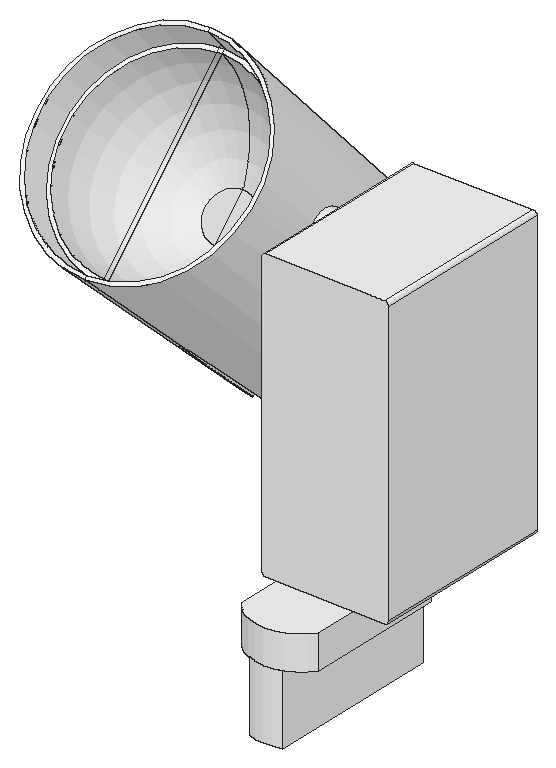
Revit family "0004826 Feilo Sylvania Lighting Fixture START TRACK SPOT S 24W 4K RA80 NB WHITE", category Lighting Fixtures, host Face, Revit 2017 (continued)
Definition of nested family "Start Track Spot Head"
  Types (96, lengths in mm): name | Wattage | built-in parameter 1150134 | Photometric Web File | Model | built-in parameter 1150105 | Lumens | built-in parameter 1150107 | built-in parameter 1150106 | HeadThickness_FEILO | HeadRibOffset_FEILO | HeadRibDepth_FEILO | HeadRibCutWidth_FEILO | HeadRibCutOffset_FEILO | HeadReflectorRadius_FEILO | HeadReflectorOffset_FEILO | HeadLEDRadius_FEILO | HeadHeight_FEILO | HeadDiffusorOffset_FEILO | HeadDiaOut_FEILO | HeadDiaIn_FEILO | HeadAxisFromTop_FEILO | Emit from Circle Diameter | built-in parameter 1150104 | Description | Apparent Load
    0004812 START TRACK SPOT S 14W 3K RA80 MB WHITE | 14 W | (empty or 0) | "0004812.ies" | "START TRACK SPOT S 14W 3K RA80 MB WHITE" | 120.32 (stored number, unit not read) | 1512 lm | 3000 (stored number, unit not read) | 1.2032 (stored number, unit not read) | 1.5 | 4.179 | 55.714 | 7.167 | 50.87 | 50.588 | 55.714 | 9.556 | 117 | 9.435 | 86 | 77.477 | 69.354 | 77.477 | 10.034 (stored number, unit not read) | "Integrated LED spotlight, Textured White - RAL9016, compact and minimalist design, ideal for retail applications, die-cast aluminium body, passive cooling heatsink. Beam angle: 36°, color temperature: 3000K , total system power: 14W, total fixture output: 1508 lm, LOR: 100%, colour rendering: Ra: 80 typical, LED Chromaticity: 3 step MacAdam ellipse, lifetime: >50000 hours at L70B50, energy class: A++, A+, A, IR/UV free light source without heat radiation, operating voltage: 220-240V / 50-60Hz, drive current: 350mA, electronic driver, non-dimmable, power factor: 0.92, electrical protection: Class II, Global Track 3 Phase adapter suitable for Global trac 3-circuit tracks, ingress protection rating: IP20, suitable for internal environment only, horizontal rotation: 355°, vertical tilt: 90°, dimensions: Ø86x140x200, weight: 0.940kg." | 14 VA
    0004811 START TRACK SPOT S 14W 3K RA80 NB WHITE | 14 W | (empty or 0) | "0004811.ies" | "START TRACK SPOT S 14W 3K RA80 NB WHITE" | 123.66 (stored number, unit not read) | 1554 lm | 3000 (stored number, unit not read) | 1.2366 (stored number, unit not read) | 1.5 | 4.179 | 55.714 | 7.167 | 50.87 | 50.588 | 55.714 | 9.556 | 117 | 9.435 | 86 | 77.477 | 69.354 | 77.477 | 10.312 (stored number, unit not read) | "Integrated LED spotlight, Textured White - RAL9016, compact and minimalist design, ideal for retail applications, die-cast aluminium body, passive cooling heatsink. Beam angle: 12°, color temperature: 3000K , total system power: 14W, total fixture output: 1551 lm, LOR: 100%, colour rendering: Ra: 80 typical, LED Chromaticity: 3 step MacAdam ellipse, lifetime: >50000 hours at L70B50, energy class: A++, A+, A, IR/UV free light source without heat radiation, operating voltage: 220-240V / 50-60Hz, drive current: 350mA, electronic driver, non-dimmable, power factor: 0.92, electrical protection: Class II, Global Track 3 Phase adapter suitable for Global trac 3-circuit tracks, ingress protection rating: IP20, suitable for internal environment only, horizontal rotation: 355°, vertical tilt: 90°, dimensions: Ø86x140x200, weight: 0.940kg." | 14 VA
  Reference planes
    plane 1 "Center (Front/Back)": y = 0
    plane 2: z = 0
    plane 3 "Center (Left/Right)": x = 0
    plane 4: x = 43
    plane 5: x = -43
    plane 6: x = -38.739
    plane 7: x = 38.739
    plane 8: z = 69.354
    plane 9: z = -47.646
    plane 10: x = -41.5
    plane 11: x = -37.239
    plane 12: z = -38.211
    plane 13: z = -35.211
    plane 14: z = 8.068
    plane 15: x = -9.556
    plane 16: x = -28.667
    plane 17: x = -19.111
    plane 18: x = -27.167
    plane 19: x = -17.611
    plane 20: x = -8.056
    plane 21: z = 13.64
    plane 22: x = -29.667
    plane 23: x = -26.167
    plane 24: x = -20.111
    plane 25: x = -16.611
    plane 26: x = -10.556
    plane 27: x = -7.056
    plane 28: x = -36.239
    plane 29: x = -40.5
    plane 30: z = 65.175
    plane 31: z = 60.997
    plane 32: z = 56.818
    plane 33: z = 18.484
    plane 34: y = -43
    plane 35: y = 43
    plane 36: y = 3.583
    plane 37: y = -3.583
    plane 38: y = -2.583
    plane 39: y = 2.583
    plane 40: y = 46
    plane 41: z = 13.5
    plane 42: z = -13.5
    plane 43: y = 39
    plane 44: x = 4.708
    plane 45: x = -2.458
    plane 46: x = -1.458
    plane 47: x = 1.458
  Forms (mm)
    Extrusion 1, solid
      sketch origin (4.2, 0, 0) x (1, 0, 0) y (0, 1, 0)
        loop
          line (-1219.2, 1219.2) -> (-1219.2, -1219.2) -> (1219.2, -1219.2) -> (1219.2, 1219.2) -> (-1219.2, 1219.2)
      from 0 to -68.017
    Revolve 2, solid, material <- "Material_1_FEILO", detail levels medium+fine
      sketch origin (0, 0, 0) x (1, 0, 0) y (0, 0, 1)
        loop
          line (-43, -47.646) -> (-41.5, -47.646) -> (-40.5, -35.211) -> (-38.739, -35.211)
          arc (-38.739, -35.211) -> (-30.16, -9.517) -> (-9.556, 8.068) r 50.588
          line (-9.556, 8.068) -> (0, 8.068) -> (0, 13.64) -> (-16.611, 13.64) -> (-17.611, 60.997) -> (-19.111, 60.997) -> (-20.111, 13.64) -> (-36.239, 13.64) -> (-37.239, 69.354) -> (-38.739, 69.354) -> (-43, -47.646)
        axis (0, 69.354) -> (0, -47.646)
      angle from 360 to 0
    Extrusion 3, void
      sketch origin (0, 0, 0) x (0, 1, 0) y (0, 0, 1)
        loop
          line (-3.583, 69.354) -> (-2.583, 18.484) -> (1.932, 18.484) -> (2.932, 69.354) -> (-3.583, 69.354)
      from 43 to -43
    Revolve 4, solid, material <- "Material_2_FEILO", detail levels medium+fine
      sketch origin (0, 0, 0) x (1, 0, 0) y (0, 0, 1)
        loop
          line (-41.5, -38.211) -> (0, -38.211) -> (0, -35.211) -> (-41.5, -35.211) -> (-41.5, -38.211)
        axis (0, -35.211) -> (0, -38.211)
      angle from 360 to 0
    Revolve 5, solid, material <- "Material_1_FEILO"
      sketch origin (0, 0, 0) x (0, 1, 0) y (0, 0, 1)
        loop
          line (46, 0) -> (39, 0) -> (39, -13.5) -> (46, -13.5) -> (46, 0)
        axis (39, 0) -> (46, 0)
      angle from 360 to 0
    Revolve 6, solid, material <- "Material_1_FEILO", detail levels medium+fine
      sketch origin (0, 0, 0) x (1, 0, 0) y (0, 0, 1)
        loop
          line (-29.667, 13.64) -> (-26.167, 13.64) -> (-27.167, 65.175) -> (-28.667, 65.175) -> (-29.667, 13.64)
        loop
          line (-10.556, 13.64) -> (-7.056, 13.64) -> (-7.833, 56.818) -> (-9.778, 56.818) -> (-10.556, 13.64)
        axis (0, 65.175) -> (0, 13.64)
      angle from 360 to 0
    Extrusion 7, void
      sketch origin (0, 0, 0) x (1, 0, 0) y (0, 0, 1)
        loop
          line (4.708, 69.354) -> (-2.458, 69.354) -> (-1.458, 13.64) -> (1.458, 13.64) -> (4.708, 69.354)
      from -43 to 43
    Revolve 8, solid, material <- "Material_1_FEILO", detail levels coarse
      sketch origin (0, 0, 0) x (1, 0, 0) y (0, 0, 1)
        loop
          line (0, 69.354) -> (-38.739, 69.354) -> (-43, -47.646) -> (-41.5, -47.646) -> (-40.731, -38.211) -> (0, -38.211) -> (0, 69.354)
        axis (0, 69.354) -> (0, -47.646)
      angle from 360 to 0
  Cuts and joins
    Extrusion 3 cuts Revolve 2
    Extrusion 7 cuts Revolve 6
  Dimensions and locks
    equal spacing: plane 7, plane 3 "Center (Left/Right)", plane 6
    equal spacing: plane 4, plane 3 "Center (Left/Right)", plane 5
    "HeadDiaOut_FEILO": plane 4 to plane 5
    "HeadDiaIn_FEILO": plane 7 to plane 6
    "HeadHeight_FEILO": plane 8 to plane 9
    "HeadThickness_FEILO": plane 10 to plane 5
    "HeadThickness_FEILO": plane 11 to plane 6
    "HeadDiffusorOffset_FEILO": plane 12 to plane 9
    "HeadDiffusorThickness_FEILO": plane 13 to plane 12
    "HeadReflectorOffset_FEILO": plane 14 to plane 9
    "HeadLEDRadius_FEILO": plane 3 "Center (Left/Right)" to plane 15
    "HeadLEDRadius_FEILO": plane 15 to plane 17
    "HeadLEDRadius_FEILO": plane 17 to plane 16
    "HeadThickness_FEILO": plane 18 to plane 16
    "HeadThickness_FEILO": plane 19 to plane 17
    "HeadThickness_FEILO": plane 20 to plane 15
    "HeadRibDepth_FEILO": plane 8 to plane 21
    "HeadDraft_FEILO": plane 16 to plane 22
    "HeadDraft_FEILO": plane 23 to plane 18
    "HeadDraft_FEILO": plane 17 to plane 24
    "HeadDraft_FEILO": plane 25 to plane 19
    "HeadDraft_FEILO": plane 15 to plane 26
    "HeadDraft_FEILO": plane 27 to plane 20
    "HeadDraft_FEILO": plane 29 to plane 10
    "HeadDraft_FEILO": plane 28 to plane 11
    "HeadRibOffset_FEILO": plane 8 to plane 30
    "HeadRibOffset_FEILO": plane 30 to plane 31
    "HeadRibOffset_FEILO": plane 31 to plane 32
    "HeadAxisFromTop_FEILO": plane 8 to plane 2
    "HeadRibCutOffset_FEILO": plane 8 to plane 33
    equal spacing: plane 34, plane 1 "Center (Front/Back)", plane 35
    "HeadDiaOut_FEILO": plane 34 to plane 35
    equal spacing: plane 38, plane 1 "Center (Front/Back)", plane 39
    equal spacing: plane 37, plane 1 "Center (Front/Back)", plane 36
    "HeadRibCutWidth_FEILO": plane 37 to plane 36
    "HeadDraft_FEILO": plane 37 to plane 38
    locked: plane 35 to plane 40 at 3
    equal spacing: plane 41, plane 2, plane 42
    locked: plane 42 to plane 41 at 27
    locked: plane 43 to plane 35 at 4
    equal spacing: plane 45, imposter light, plane 44
    "HeadDraft_FEILO": plane 46 to plane 45
    "HeadRibCutWidth_FEILO": plane 44 to plane 45
    equal spacing: plane 47, plane 3 "Center (Left/Right)", plane 46
    "HeadReflectorRadius_FEILO": radius of Revolve 2 sketch curve
    aligned and locked: plane 2 to Extrusion 1
    aligned and locked: level to Extrusion 1
    aligned and locked: Revolve 2 sketch curve to plane 3 "Center (Left/Right)"  (x2)
    aligned and locked: plane 9 to Revolve 2 sketch curve  (x2)
    aligned and locked: plane 5 to Revolve 2 sketch curve
    aligned and locked: plane 10 to Revolve 2 sketch curve
    aligned and locked: plane 14 to Revolve 2 sketch curve
    aligned and locked: plane 8 to Revolve 2 sketch curve
    aligned and locked: Revolve 2 sketch curve to plane 13
    aligned and locked: plane 12 to Revolve 4 sketch curve
    aligned and locked: plane 3 "Center (Left/Right)" to Revolve 4 sketch curve
    aligned and locked: Revolve 4 sketch curve to plane 10
    aligned and locked: Revolve 4 sketch curve to plane 3 "Center (Left/Right)"
    aligned and locked: plane 12 to imposter light
    aligned and locked: imposter light to plane 1 "Center (Front/Back)"
    aligned and locked: Revolve 5 sketch curve to plane 2
    aligned and locked: plane 43 to Revolve 5 sketch curve
    aligned and locked: plane 42 to Revolve 5 sketch curve
    aligned and locked: Revolve 6 sketch curve to plane 3 "Center (Left/Right)"
    aligned and locked: plane 22 to Revolve 6 sketch curve
    aligned and locked: plane 30 to Revolve 6 sketch curve
    aligned and locked: plane 23 to Revolve 6 sketch curve
    aligned and locked: Revolve 6 sketch curve to plane 21  (x2)
    aligned and locked: plane 21 to Revolve 6 sketch curve
    aligned and locked: plane 17 to Revolve 2 sketch curve
    aligned and locked: plane 19 to Revolve 2 sketch curve
    aligned and locked: plane 31 to Revolve 2 sketch curve
    aligned and locked: plane 21 to Revolve 2 sketch curve
    aligned and locked: Extrusion 3 to plane 8
    aligned and locked: plane 33 to Extrusion 3
    aligned and locked: plane 8 to Extrusion 3 sketch curve
    aligned and locked: Extrusion 3 sketch curve to plane 33
    aligned and locked: Extrusion 3 to plane 5
    aligned and locked: plane 4 to Extrusion 3
    aligned and locked: plane 32 to Revolve 6 sketch curve
    aligned and locked: plane 44 to Extrusion 7 sketch curve
    aligned and locked: Extrusion 7 sketch curve to plane 8
    aligned and locked: plane 46 to Extrusion 7 sketch curve
    aligned and locked: plane 21 to Extrusion 7 sketch curve
    aligned and locked: plane 34 to Extrusion 7
    aligned and locked: Extrusion 7 to plane 35
    aligned and locked: Revolve 4 sketch curve to plane 13
    aligned and locked: Revolve 5 sketch curve to plane 40
    aligned and locked: Revolve 8 sketch curve to plane 3 "Center (Left/Right)"
    aligned and locked: Revolve 8 sketch curve to cut or joined group of Revolve 2, Extrusion 3  (x3)
    aligned and locked: plane 5 to Revolve 8 sketch curve
    aligned and locked: plane 3 "Center (Left/Right)" to Revolve 8 sketch curve
    aligned and locked: plane 12 to Revolve 8 sketch curve
  Automatic sketch dimensions
    Extrusion 1 sketch curve to Extrusion 1 sketch curve = 2438.4 mm  (x2)
    Extrusion 3 sketch curve to plane 37 = 0 mm
    Extrusion 3 sketch curve to plane 38 = 0 mm
    plane 39 to Extrusion 3 sketch curve = 0.651 mm
    Extrusion 3 sketch curve to plane 39 = 0.349 mm
    Revolve 6 sketch curve to plane 16 = 0 mm
    Revolve 6 sketch curve to plane 18 = 0 mm
    Revolve 6 sketch curve to plane 26 = 0 mm
    Revolve 6 sketch curve to plane 27 = 0 mm
    Revolve 6 sketch curve to plane 15 = 0.222 mm
    plane 9 to Revolve 6 sketch curve = 559.103 mm
    Revolve 6 sketch curve to plane 8 = 2535.555 mm
    plane 20 to Revolve 6 sketch curve = 0.222 mm
    Revolve 2 sketch curve to plane 29 = 0 mm
    Revolve 2 sketch curve to plane 6 = 0 mm  (x2)
    Revolve 2 sketch curve to plane 11 = 0 mm
    Revolve 2 sketch curve to plane 21 = 0 mm
    Revolve 2 sketch curve to plane 28 = 0 mm
    Revolve 2 sketch curve to plane 24 = 0 mm
    Revolve 2 sketch curve to plane 25 = 0 mm
    Revolve 2 sketch curve to plane 15 = 0 mm
    Revolve 2 sketch curve to Revolve 2 sketch curve = 557.155 mm
    Revolve 2 sketch curve to plane 8 = 2535.558 mm
    Extrusion 7 sketch curve to plane 45 = 0 mm
    Extrusion 7 sketch curve to plane 47 = 0 mm
    plane 9 to Revolve 4 sketch curve = 559.103 mm
    Revolve 4 sketch curve to plane 8 = 2535.555 mm
    Revolve 5 sketch curve to level = 0 mm
    plane 34 to Revolve 5 sketch curve = 1968.092 mm
    Revolve 5 sketch curve to plane 40 = 1405.763 mm
    Revolve 8 sketch curve to plane 6 = 0 mm
    Revolve 8 sketch curve to plane 29 = 0.231 mm
    plane 9 to Revolve 8 sketch curve = 559.103 mm
    Revolve 8 sketch curve to Revolve 8 sketch curve = 2535.555 mm
Definition of nested family "Start Track Spot Box"
  Parameters (values of type "Type Large White")
    URL = "http://www.feilosylvania.com"
    Type Image = (empty or 0)
    Type Comments = "n/a"
    Small_FEILO = no
    Material_3_FEILO = none
    Model = ""
    Manufacturer = "Feilo Sylvania"
    Keynote = ""
    Material_2_FEILO = none
    Description = ""
    Default Elevation = 1219.2 mm
    Cost = 0
    Material_1_FEILO = none
    BoxWidth_FEILO = 49 mm
    BoxStartAngle_FEILO [instance] = 0.00°
    BoxRadius_FEILO = 1.5 mm
    BoxHeight_FEILO = if(Small_FEILO, 112 mm, 136 mm)  # 136 mm
    BoxEndAngle_FEILO [instance] = BoxStartAngle_FEILO - 180.00°  # -180.00°
    BoxDepth_FEILO = if(Small_FEILO, 71.5 mm, 79 mm)  # 79 mm
    BoxAxisVerticalOffset_FEILO = 16 mm
    BoxAxisOffset_FEILO = BoxHeight_FEILO / 6.8  # 20 mm
    Assembly Code = ""
    Material_4_FEILO = none
  Types (4, lengths in mm): name | Small_FEILO | BoxHeight_FEILO | BoxDepth_FEILO | BoxAxisOffset_FEILO
    Type Large White | no | 136 | 79 | 20
    Type Small White | yes | 112 | 71.5 | 16.471
    Type Small Black | yes | 112 | 71.5 | 16.471
    Type Large Black | no | 136 | 79 | 20
  Reference planes
    plane 1 "Center (Front/Back)": y = 0
    plane 2: z = 0
    plane 3 "Center (Left/Right)": x = 0
    plane 4: x = 24.5
    plane 5: x = -24.5
    plane 6: y = 68
    plane 7: y = -68
    plane 8: z = 39.5
    plane 9: z = -39.5
    plane 10: y = -48
    plane 11: x = 30.5
    plane 12: x = 8.5
    plane 13: x = 21.5
    plane 14: y = 70
    plane 15: y = 72
    plane 16: x = 19.5
  Forms (mm)
    Extrusion 1, solid
      sketch origin (4.2, 0, 0) x (1, 0, 0) y (0, 1, 0)
        loop
          line (-1219.2, 1219.2) -> (-1219.2, -1219.2) -> (1219.2, -1219.2) -> (1219.2, 1219.2) -> (-1219.2, 1219.2)
      from 0 to -68.017
    Extrusion 2, solid, material <- "Material_1_FEILO"
      sketch origin (0, 0, 0) x (1, 0, 0) y (0, 1, 0)
        loop
          arc (-23, 68) -> (-24.061, 67.561) -> (-24.5, 66.5) r 1.5
          line (-24.5, 66.5) -> (-24.5, -66.5)
          arc (-24.5, -66.5) -> (-24.061, -67.561) -> (-23, -68) r 1.5
          line (-23, -68) -> (23, -68)
          arc (23, -68) -> (24.061, -67.561) -> (24.5, -66.5) r 1.5
          line (24.5, -66.5) -> (24.5, 66.5)
          arc (24.5, 66.5) -> (24.061, 67.561) -> (23, 68) r 1.5
          line (23, 68) -> (-23, 68)
      from -39.5 to 39.5
    Revolve 3, solid, not visible
      sketch origin (0, 0, 0) x (1, 0, 0) y (0, 1, 0)
        loop
          line (30.5, -48) -> (24.5, -48) -> (24.5, -68) -> (30.5, -68) -> (30.5, -48)
        axis (30.5, -48) -> (24.5, -48)
      angle from 0 <- "BoxStartAngle_FEILO" to -180 <- "BoxEndAngle_FEILO"
    Revolve 4, solid, material <- "Material_2_FEILO"
      sketch origin (0, 0, 0) x (1, 0, 0) y (0, 1, 0)
        loop
          line (8.5, 68) -> (19.5, 68) -> (19.5, 70) -> (21.5, 70) -> (21.5, 72) -> (8.5, 72) -> (8.5, 68)
        axis (8.5, 72) -> (8.5, 68)
      angle from 360 to 0
  Dimensions and locks
    equal spacing: plane 5, plane 3 "Center (Left/Right)", plane 4
    "BoxWidth_FEILO": plane 5 to plane 4
    equal spacing: plane 7, plane 1 "Center (Front/Back)", plane 6
    "BoxHeight_FEILO": plane 7 to plane 6
    equal spacing: plane 8, plane 2, plane 9
    "BoxDepth_FEILO": plane 8 to plane 9
    "BoxAxisOffset_FEILO": plane 7 to plane 10
    locked: plane 4 to plane 11 at 6
    "BoxAxisVerticalOffset_FEILO": plane 12 to plane 4
    locked: plane 12 to plane 13 at 13
    plane 6 to plane 14 to plane 15 = 2 mm locked, 2 mm locked
    locked: plane 12 to plane 16 at 11
    "BoxRadius_FEILO": radius of Extrusion 2 sketch curve  (x4)
    aligned and locked: plane 2 to Extrusion 1
    aligned and locked: level to Extrusion 1
    aligned and locked: plane 6 to Extrusion 2 sketch curve
    aligned and locked: plane 5 to Extrusion 2 sketch curve
    aligned and locked: Extrusion 2 sketch curve to plane 7
    aligned and locked: Extrusion 2 sketch curve to plane 4
    aligned and locked: Extrusion 2 to plane 8
    aligned and locked: plane 9 to Extrusion 2
    aligned and locked: Revolve 3 sketch curve to plane 10  (x2)
    aligned and locked: plane 11 to Revolve 3 sketch curve
    aligned and locked: Revolve 3 sketch curve to plane 4
    aligned and locked: plane 7 to Revolve 3 sketch curve
    aligned and locked: Revolve 4 sketch curve to plane 12
    aligned and locked: plane 6 to Revolve 4 sketch curve
    aligned and locked: plane 12 to Revolve 4 sketch curve
    aligned and locked: plane 15 to Revolve 4 sketch curve
    aligned and locked: Revolve 4 sketch curve to plane 13
    aligned and locked: Revolve 4 sketch curve to plane 14
    aligned and locked: Revolve 4 sketch curve to plane 16
    aligned and locked: Revolve 4 sketch curve to plane 6
  Automatic sketch dimensions
    Extrusion 1 sketch curve to Extrusion 1 sketch curve = 2438.4 mm  (x2)
    Revolve 3 sketch curve to plane 5 = 1499.5 mm
    plane 11 to Revolve 3 sketch curve = 1493.5 mm
    plane 15 to Revolve 4 sketch curve = 0 mm
    plane 7 to Revolve 4 sketch curve = 1456 mm
    Revolve 4 sketch curve to plane 15 = 1452 mm
